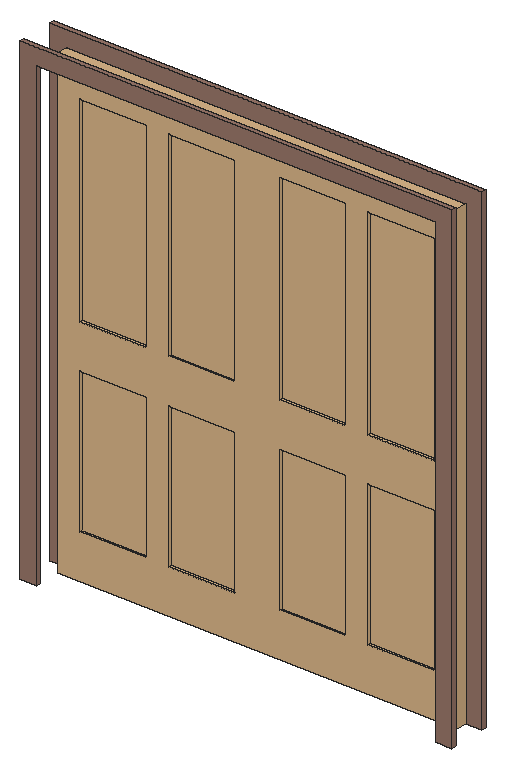
Revit family "0017_M_DR_W_double-panel 2-dbl acting", category 문, Revit 2026
Family settings
  호스트 = 벽
  항상 수직 = 예
  로드될 때 보이드를 사용하여 절단 = 아니오
  공유 = 아니오
  룸 계산 점 = 아니오
Parameters (values of type "72" x 84"")
  두께 = 0' - 2"
  조합 코드 = "C1020100"
  기능 = 내부
  Door Material = Door - Panel
  Frame Material = Door - Frame
  Height = 7' - 0"
  Rail Width - Center = 0' - 8"
  Stile Width - Center = 0' - 4"
  Top Panel = 3' - 0"
  Trim Projection Ext. = 0' - 0 3/4"
  Trim Projection Int. = 0' - 0 3/4"
  Trim Width Ext. = 0' - 3"
  Trim Width Int. = 0' - 3"
  벽 마무리 = 호스트별
  Width = 6' - 0"
Types (6): name | 두께 | 조합 코드 | Height | Rail Width - Center | Stile Width - Center | Top Panel | Trim Projection Ext. | Trim Projection Int. | Trim Width Ext. | Trim Width Int. | Width
  72" x 78" | 0' - 2" | "C1020100" | 6' - 6" | 0' - 6" | 0' - 4" | 3' - 0" | 0' - 0 3/4" | 0' - 0 3/4" | 0' - 3" | 0' - 3" | 6' - 0"
  72" x 84" | 0' - 2" | "C1020100" | 7' - 0" | 0' - 8" | 0' - 4" | 3' - 0" | 0' - 0 3/4" | 0' - 0 3/4" | 0' - 3" | 0' - 3" | 6' - 0"
  68" x 80" | 0' - 2" | "C1020100" | 6' - 8" | 0' - 6" | 0' - 4" | 3' - 0" | 0' - 0 3/4" | 0' - 0 3/4" | 0' - 3" | 0' - 3" | 5' - 8"
  68" x 84" | 0' - 2" | "C1020100" | 7' - 0" | 0' - 6" | 0' - 4" | 3' - 0" | 0' - 0 3/4" | 0' - 0 3/4" | 0' - 3" | 0' - 3" | 5' - 8"
  72" x 82" | 0' - 2" | "C1020100" | 6' - 10" | 0' - 6" | 0' - 4" | 3' - 0" | 0' - 0 3/4" | 0' - 0 3/4" | 0' - 3" | 0' - 3" | 6' - 0"
  1830 x 2134mm | 0' - 1 31/32" | 0' - 0" | 7' - 0 1/64" | 0' - 5 29/32" | 0' - 3 15/16" | 3' - 0 3/128" | 0' - 0 101/128" | 0' - 0 101/128" | 0' - 2 61/64" | 0' - 2 61/64" | 6' - 0 3/64"
Reference planes (in)
  plane 1: y = 0
  plane 2: z = 0
  plane 3 "Center": x = 0
  plane 4 "Left": x = -36
  plane 5 "Right": x = 36
  plane 6 "Top": z = 84
  plane 7: z = 78
  plane 8: z = 42
  plane 9: z = 34
  plane 10: z = 8
  plane 11: x = 32
  plane 12: x = 4
  plane 13: x = -4
  plane 14: x = -32
  plane 15: x = 20
  plane 16: x = 18
  plane 17: x = 16
  plane 18: x = -16
  plane 19: x = -18
  plane 20: x = -20
  plane 21: y = 1
Forms (in)
  Extrusion 1, solid, material "Door - Frame" <- "Frame Material"
    sketch origin (-90, -3, 0) x (1, 0, 0) y (0, 0, 1)
      loop
        line (54, 0) -> (54, 84) -> (126, 84) -> (126, 0) -> (129, 0) -> (129, 87) -> (51, 87) -> (51, 0) -> (54, 0)
    from 0 to 0.75
  Extrusion 2, solid, material "Door - Panel" <- "Door Material"
    sketch origin (-90, 7, 0) x (-1, 0, 0) y (0, 0, 1)
      loop
        line (-126, 84) -> (-126, 0) -> (-54, 0) -> (-54, 84) -> (-126, 84)
      loop
        line (-122, 78) -> (-122, 42) -> (-110, 42) -> (-110, 78) -> (-122, 78)
      loop
        line (-110, 8) -> (-110, 34) -> (-122, 34) -> (-122, 8) -> (-110, 8)
      loop
        line (-94, 34) -> (-106, 34) -> (-106, 8) -> (-94, 8) -> (-94, 34)
      loop
        line (-74, 78) -> (-86, 78) -> (-86, 42) -> (-74, 42) -> (-74, 78)
      loop
        line (-86, 34) -> (-86, 8) -> (-74, 8) -> (-74, 34) -> (-86, 34)
      loop
        line (-106, 78) -> (-106, 42) -> (-94, 42) -> (-94, 78) -> (-106, 78)
      loop
        line (-70, 78) -> (-70, 42) -> (-58, 42) -> (-58, 78) -> (-70, 78)
      loop
        line (-70, 34) -> (-70, 8) -> (-58, 8) -> (-58, 34) -> (-70, 34)
    from -6 to -4
  Extrusion 3, solid, material "Door - Panel" <- "Door Material"
    sketch origin (-90, 3, 0) x (-1, 0, 0) y (0, 0, 1)
      loop
        line (-122, 78) -> (-122, 42) -> (-110, 42) -> (-110, 78) -> (-122, 78)
      loop
        line (-110, 8) -> (-110, 34) -> (-122, 34) -> (-122, 8) -> (-110, 8)
      loop
        line (-74, 78) -> (-86, 78) -> (-86, 42) -> (-74, 42) -> (-74, 78)
      loop
        line (-86, 34) -> (-86, 8) -> (-74, 8) -> (-74, 34) -> (-86, 34)
      loop
        line (-106, 78) -> (-106, 42) -> (-94, 42) -> (-94, 78) -> (-106, 78)
      loop
        line (-106, 34) -> (-106, 8) -> (-94, 8) -> (-94, 34) -> (-106, 34)
      loop
        line (-70, 78) -> (-70, 42) -> (-58, 42) -> (-58, 78) -> (-70, 78)
      loop
        line (-70, 34) -> (-70, 8) -> (-58, 8) -> (-58, 34) -> (-70, 34)
    from -0.5 to -1.5
  Extrusion 4, solid, material "Door - Frame" <- "Frame Material"
    sketch origin (-60, 3, 0) x (-1, 0, 0) y (0, 0, 1)
      loop
        line (-99, 87) -> (-99, 0) -> (-96, 0) -> (-96, 84) -> (-24, 84) -> (-24, 0) -> (-21, 0) -> (-21, 87) -> (-99, 87)
    from 0 to 0.75
Lines and regions (in)
  Opening 1
    outline origin (-90, -3, 0) x (1, 0, 0) y (0, 0, 1)
      loop
        line (54, 0) -> (126, 0) -> (126, 84) -> (54, 84) -> (54, 0)
  symbolic lines, style "Elevation Swing"
    curve 1: line (0, 3, 0) -> (-36, 3, 42)
    curve 2: line (-36, 3, 42) -> (0, 3, 84)
    curve 11: line (0, 3, 84) -> (36, 3, 42)
    curve 12: line (0, 3, 0) -> (36, 3, 42)
  symbolic lines, style "DoorsPanelProjection"
    curve 3: line (-36, 3, 0) -> (-34, 3, 0)
    curve 4: line (-36, 3, 0) -> (-36, 39, 0)
    curve 5: line (-36, 39, 0) -> (-34, 39, 0)
    curve 6: line (-34, 3, 0) -> (-34, 39, 0)
    curve 7: line (36, 3, 0) -> (34, 3, 0)
    curve 8: line (36, 3, 0) -> (36, 39, 0)
    curve 9: line (34, 39, 0) -> (36, 39, 0)
    curve 10: line (34, 3, 0) -> (34, 39, 0)
  symbolic lines, style "Dashed Line"
    curve 13: line (-36, 1, 0) -> (-34, 1, 0)
    curve 14: line (-36, 1, 0) -> (-36, -35, 0)
    curve 15: line (-36, -35, 0) -> (-34, -35, 0)
    curve 16: line (-34, 1, 0) -> (-34, -35, 0)
    curve 17: line (36, 1, 0) -> (34, 1, 0)
    curve 18: line (36, 1, 0) -> (36, -35, 0)
    curve 19: line (36, -35, 0) -> (34, -35, 0)
    curve 20: line (34, 1, 0) -> (34, -35, 0)
    curve 25: arc (0, 1, 0) -> (10.54416, -24.45584, 0) -> (36, -35, 0) r 36
    curve 26: arc (0, 1, 0) -> (-10.54416, -24.45584, 0) -> (-36, -35, 0) r 36
  model lines, style "DoorsPanelProjection"
    curve 21: line (0, 3, 84) -> (0, 3, 0)
    curve 22: line (0, 1, 84) -> (0, 1, 0)
  symbolic lines, style "Plan Swing"
    curve 23: arc (0, 3, 0) -> (-10.54416, 28.45584, 0) -> (-36, 39, 0) r 36
    curve 24: arc (-0.01389, 4, 0) -> (10.88056, 28.82662, 0) -> (36, 39.02777, 0) r 36.02777
Text (in)
  text "Exterior" at (-72.45558, 27.31104, 0), in view "Floor Line"
  text "Interior" at (-72.45558, -25.14366, 0), in view "Floor Line"
  text "Exterior" at (0, 31.80937, 86.13491), in view "Right"
  text "Interior" at (0, -56.48832, 86.13491), in view "Right"
  text "Interior" at (0, -31.01599, 116.20407), in view "Left"
  text "Exterior" at (0, 68.07766, 116.20407), in view "Left"
Dimensions and locks (in)
  plane 4 "Left" to plane 3 "Center" to plane 5 "Right" = 3' - 0", 3' - 0"  (x2)
  "Height": plane 2 to plane 6 "Top"
  "Width": plane 4 "Left" to plane 5 "Right"
  "Trim Width Int.": Extrusion 1 sketch curve to plane 4 "Left"
  "Trim Width Int.": Extrusion 1 sketch curve to plane 5 "Right"
  "Trim Width Int.": Extrusion 1 sketch curve to plane 6 "Top"
  equal spacing: host wall, curve 2, plane 6 "Top"
  "Trim Projection Int.": Extrusion 1 to host wall
  "두께": curve 6 to curve 4
  "두께": curve 8 to curve 10
  equal spacing: plane 4 "Left", plane 3 "Center", plane 5 "Right"
  "Top Panel": plane 8 to plane 7
  locked: plane 7 to plane 6 "Top" at 6
  locked: plane 11 to plane 5 "Right" at 4
  locked: Extrusion 2 to Extrusion 3 at 0.5  (x2)
  "Trim Projection Ext.": Extrusion 4 to Extrusion 4
  "Trim Width Ext.": plane 5 "Right" to Extrusion 4 sketch curve
  "Trim Width Ext.": Extrusion 4 sketch curve to plane 4 "Left"
  "Trim Width Ext.": plane 6 "Top" to Extrusion 4 sketch curve
  equal spacing: plane 11, plane 16, plane 12
  equal spacing: plane 13, plane 19, plane 14
  equal spacing: plane 15, plane 16, plane 17
  equal spacing: plane 18, plane 19, plane 20
  locked: plane 14 to plane 4 "Left" at 4
  locked: plane 12 to plane 3 "Center" at 4
  locked: plane 3 "Center" to plane 13 at 4
  "Stile Width - Center": plane 18 to plane 20
  "Stile Width - Center": plane 15 to plane 17
  "Rail Width - Center": plane 9 to plane 8
  plane 2 to plane 10 = 0' - 8"
  equal spacing: plane 2, curve 12, plane 6 "Top"
  "두께": plane 21 to host wall
  aligned and locked: plane 4 "Left" to Opening 1 sketch curve
  aligned and locked: plane 6 "Top" to Opening 1 sketch curve  (x2)
  aligned and locked: Opening 1 sketch curve to plane 5 "Right"
  aligned and locked: Opening 1 sketch curve to level
  aligned and locked: plane 4 "Left" to Extrusion 1 sketch curve
  aligned and locked: plane 6 "Top" to Extrusion 1 sketch curve  (x2)
  aligned and locked: plane 5 "Right" to Extrusion 1 sketch curve  (x2)
  aligned and locked: level to Extrusion 1 sketch curve
  aligned and locked: Extrusion 1 sketch curve to level
  aligned and locked: plane 2 to Extrusion 1 sketch curve
  aligned and locked: Extrusion 1 to host wall
  aligned and locked: plane 6 "Top" to curve 2
  aligned and locked: level to curve 1
  aligned and locked: Extrusion 2 sketch curve to plane 4 "Left"
  aligned and locked: plane 11 to Extrusion 2 sketch curve
  aligned and locked: plane 7 to Extrusion 2 sketch curve
  aligned and locked: plane 8 to Extrusion 2 sketch curve  (x2)
  aligned and locked: plane 9 to Extrusion 2 sketch curve  (x2)
  aligned and locked: Extrusion 2 sketch curve to plane 11
  aligned and locked: plane 12 to Extrusion 2 sketch curve
  aligned and locked: plane 10 to Extrusion 2 sketch curve  (x2)
  aligned and locked: Extrusion 2 sketch curve to plane 7
  aligned and locked: plane 13 to Extrusion 2 sketch curve  (x2)
  aligned and locked: plane 11 to Extrusion 3 sketch curve
  aligned and locked: plane 7 to Extrusion 3 sketch curve
  aligned and locked: plane 8 to Extrusion 3 sketch curve  (x2)
  aligned and locked: Extrusion 3 sketch curve to Extrusion 2  (x2)
  aligned and locked: Extrusion 3 sketch curve to plane 7
  aligned and locked: plane 13 to Extrusion 3 sketch curve  (x2)
  aligned and locked: plane 9 to Extrusion 3 sketch curve
  aligned and locked: curve 22 to curve 21
  aligned and locked: host wall to Extrusion 2
  aligned and locked: curve 7 to curve 20
  aligned and locked: host wall to curve 7
  aligned and locked: curve 3 to host wall
  aligned and locked: curve 3 to curve 16
  aligned and locked: curve 13 to Extrusion 2
  aligned and locked: curve 17 to Extrusion 2
  aligned and locked: curve 25 to Extrusion 2
  aligned and locked: plane 15 to Extrusion 3 sketch curve
  aligned and locked: Extrusion 3 sketch curve to Extrusion 3 sketch curve  (x2)
  aligned and locked: Extrusion 3 sketch curve to plane 10
  aligned and locked: plane 18 to Extrusion 3 sketch curve
  aligned and locked: plane 10 to Extrusion 3 sketch curve
  aligned and locked: plane 15 to Extrusion 2 sketch curve
  aligned and locked: Extrusion 2 sketch curve to Extrusion 2 sketch curve  (x2)
  aligned and locked: plane 18 to Extrusion 2 sketch curve
  aligned and locked: plane 17 to Extrusion 2 sketch curve
  aligned and locked: Extrusion 2 sketch curve to plane 9
  aligned and locked: Extrusion 2 sketch curve to plane 10
  aligned and locked: plane 21 to Extrusion 2
Automatic sketch dimensions
  Extrusion 4 sketch curve to level = 0' - 0"  (x2)
  Extrusion 4 sketch curve to plane 5 "Right" = 0' - 0"
  Extrusion 4 sketch curve to plane 4 "Left" = 0' - 0"
  Extrusion 4 sketch curve to plane 6 "Top" = 0' - 0"
  curve 26 to plane 4 "Left" = 0' - 0"
  curve 4 to plane 4 "Left" = 0' - 0"
  curve 23 to plane 3 "Center" = 0' - 0"
  curve 26 to plane 3 "Center" = 0' - 0"
  curve 25 to plane 3 "Center" = 0' - 0"
  curve 18 to plane 5 "Right" = 0' - 0"
  curve 8 to plane 5 "Right" = 0' - 0"
  curve 24 to plane 5 "Right" = 0' - 0"
  curve 24 to plane 3 "Center" = 0' - 0.01389"
  curve 24 to curve 8 = 0' - 0"
  curve 23 to curve 3 = 0' - 0"
  curve 10 to curve 24 = 0' - 0.02777"
  Extrusion 3 sketch curve to plane 7 = 0' - 0"  (x2)
  Extrusion 3 sketch curve to plane 17 = 0' - 0"  (x2)
  Extrusion 3 sketch curve to plane 9 = 0' - 0"  (x2)
  Extrusion 3 sketch curve to plane 12 = 0' - 0"  (x2)
  Extrusion 3 sketch curve to plane 8 = 0' - 0"  (x2)
  Extrusion 3 sketch curve to plane 20 = 0' - 0"  (x2)
  Extrusion 3 sketch curve to plane 14 = 0' - 0"  (x2)
  Extrusion 3 sketch curve to plane 10 = 0' - 0"  (x2)
  Extrusion 2 sketch curve to plane 5 "Right" = 0' - 0"
  Extrusion 2 sketch curve to plane 8 = 0' - 0"  (x2)
  Extrusion 2 sketch curve to plane 17 = 0' - 0"
  Extrusion 2 sketch curve to plane 7 = 0' - 0"  (x2)
  Extrusion 2 sketch curve to plane 12 = 0' - 0"
  Extrusion 2 sketch curve to plane 20 = 0' - 0"  (x2)
  Extrusion 2 sketch curve to plane 10 = 0' - 0"
  Extrusion 2 sketch curve to plane 14 = 0' - 0"  (x2)
  Extrusion 2 sketch curve to plane 9 = 0' - 0"
  Extrusion 2 sketch curve to level = 0' - 0"
  Extrusion 2 sketch curve to plane 6 "Top" = 0' - 0"
  curve 11 to plane 3 "Center" = 0' - 0"
  curve 21 to plane 3 "Center" = 0' - 0"
  curve 21 to plane 6 "Top" = 0' - 0"
  curve 22 to plane 6 "Top" = 0' - 0"
  curve 21 to level = 0' - 0"
  curve 22 to level = 0' - 0"
  curve 1 to plane 4 "Left" = 0' - 0"
  curve 1 to plane 3 "Center" = 0' - 0"
  curve 12 to plane 5 "Right" = 0' - 0"
